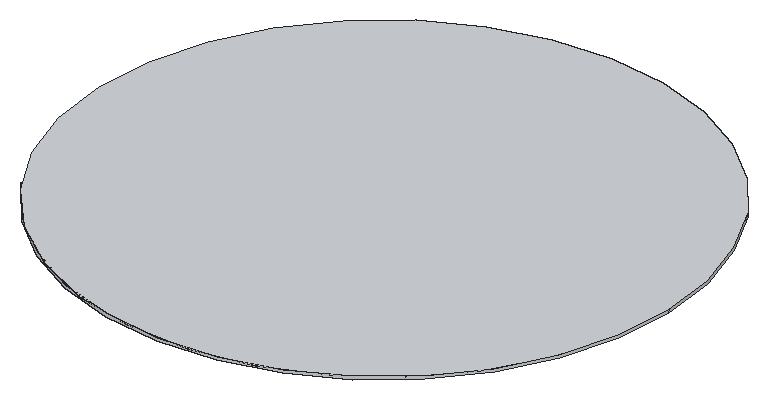
Revit family "SC-Survey_Point", category Generic Models, Revit 2014
Parameters
  Z [instance] = 0 mm
  Radius = 200 mm
  CrossHairSize = 1000 mm
Reference planes
  plane 1 "Center (Front/Back)": y = 0
  plane 2: z = 0
  plane 3 "Center (Left/Right)": x = 0
  plane 4 "Base": z = 0
  plane 5: x = -500
  plane 6: x = 500
  plane 7: y = 500
  plane 8: y = -500
Forms (mm)
  Extrusion 1, solid
    sketch origin (0, 0, 0) x (1, 0, 0) y (0, 1, 0)
      loop
        circle (0, 0) r 200
    from -2 to 0
Lines and regions (mm)
  model lines
    curve 1: circle (0, 0, 0) r 200 normal (0, 0, 1)
    curve 2: line (0, 500, 0) -> (0, 0, 0)
    curve 3: line (-500, 0, 0) -> (0, 0, 0)
    curve 4: line (0, 0, 0) -> (500, 0, 0)
    curve 5: line (0, 0, 0) -> (0, -500, 0)
Dimensions and locks
  "Z": plane 2 to plane 4 "Base"
  equal spacing: plane 5, plane 3 "Center (Left/Right)", plane 6
  equal spacing: plane 7, plane 1 "Center (Front/Back)", plane 8
  "CrossHairSize": plane 7 to plane 8
  "CrossHairSize": plane 5 to plane 6
  "Radius": radius of Extrusion 1 sketch curve
  "Radius": radius of curve 1
  aligned and locked: level to plane 2
  aligned and locked: plane 6 to curve 4
  aligned and locked: plane 5 to curve 3
  aligned and locked: plane 8 to curve 5
  aligned and locked: plane 3 "Center (Left/Right)" to curve 4
  aligned and locked: plane 1 "Center (Front/Back)" to curve 5
Automatic sketch dimensions
  plane 1 "Center (Front/Back)" to curve 1 = 0 mm
  curve 1 to plane 3 "Center (Left/Right)" = 0 mm
  curve 2 to plane 7 = 0 mm
  plane 1 "Center (Front/Back)" to Extrusion 1 sketch curve = 0 mm
  Extrusion 1 sketch curve to plane 3 "Center (Left/Right)" = 0 mm
